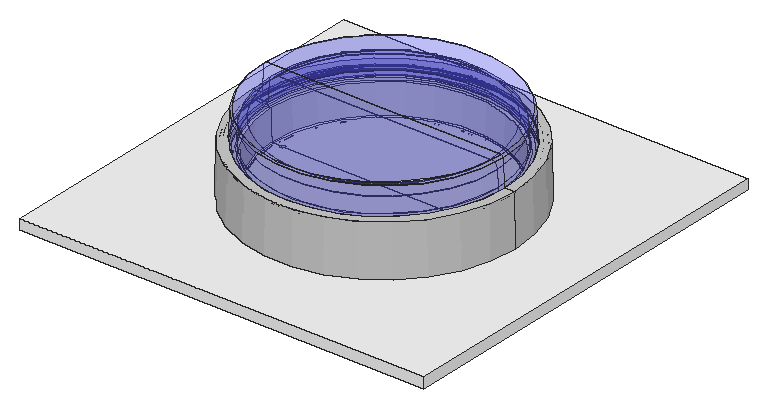
Revit family "BE_33523_de_DE", category Leuchten, Revit 2015
Parameters (values of type "BEGA_33523_Silber_K4")
  built-in parameter 1150104 = 10.345 (stored number, unit not read)
  Wattage = 16.3 W
  Default Elevation = 0 mm
  built-in parameter 1150113 = 1 (stored number, unit not read)
  built-in parameter 1114218 = 1 (stored number, unit not read)
  Umgebungstemperatur = ""
  URL = "http://www.bega.de/produkt/33523"
  Typenkommentare = "© 2015 BEGA. Wir behalten uns das Recht vor, technische Änderungen ohne vorherige Ankündigung vorzunehmen."  # constant formula
  Type Image = 33523.png
  built-in parameter 1150134 = 12
  built-in parameter 1150109 = 1 (stored number, unit not read)
  Strom = ""
  built-in parameter 1150110 = 1 (stored number, unit not read)
  Spannung = 0 V
  Sonderanfertigung = no
  Sockeltyp = ""
  Seriennummer [instance] = "Hier können Sie die eindeutige Seriennummer für das Facility Management eintragen."
  Schutzklasse = "I"
  Schutzart = "IP 65"
  Scheinlast = 0 VA
  Produktdatenblatt = "http://www.bega.de/download/datenblaetter/de/33523.pdf"
  Oberflächentemperatur = ""
  Neigungswinkel = 0.00°
  Modell = "33523AK4"
  Material_11 = BEGA_Glas_opal
  Material_02 = BEGA_Oberfläche_Silber_matt
  Material_01 [instance] = BEGA_lackierte Oberfläche_Grafit_matt
  M_W = no
  M_G = no
  M_A = yes
  Logo = 0
  built-in parameter 1114217 = 1 (stored number, unit not read)
  built-in parameter 1150139 = (empty or 0)
  built-in parameter 1150105 = 144.43 (stored number, unit not read)
  built-in parameter 1150114 = 1 (stored number, unit not read)
  Lumens = 1815 lm
  built-in parameter 1150115 = 1 (stored number, unit not read)
  Leuchtenlichtstrom = "1044 lm"
  Leuchtenanzahl = ""
  Lebensdauerkriterien = "L70 = 50.000 h"
  Lastklassifizierung = Beleuchtung
  built-in parameter 1150112 = 1 (stored number, unit not read)
  Lampenlichtstrom = "1815 lm"
  Lampe = "LED 16.3 W"
  LED_Modulbezeichnung = "LED-0381/840"
  built-in parameter 1150142 = (empty or 0)
  Hersteller = "BEGA"  # constant formula
  Halbstreuwinkel = ""
  Gewicht = "2.6 kg"
  Gebrauchslageneinschränkung [instance] = ""
  Frequenz = "0/50-60 Hz"
  Farbwiedergabeindex = "Ra > 80"
  Farbtemperaturverschiebung bei Dämpfen der Lampe = <Keine Auswahl>
  Farbtemperatur = "4000 K"
  Color Filter = 16777215
  built-in parameter 1150133 = 10 (stored number, unit not read)
  Energieeffizienzklasse = "LED A++ - A"
  built-in parameter 1150137 = (empty or 0)
  built-in parameter 1150132 = (empty or 0)
  ENEC = ""
  Dimmbar [instance] = ""
  Datei für fotometrisches Netz = "BE_33523K4.IES"
  CE_Konformität = "ja"
  Bestellnummer = "33523AK4"
  Beschreibung_Sonderanfertigung = "Hier können Sie Informationen zur Sonderanfertigung eintragen."
  Beschreibung = "Decken- und Wandleuchte"
  built-in parameter 1150106 = 1.4443 (stored number, unit not read)
  Befestigungsbohrung = "Ø 4,5 mm"
  Befestigungsabstand = "200 mm"
  Ballwurfsicher = ""
  BEGA_Intern_aus = yes
  BEGA_Intern_an = yes
  BEGA_Intern_Konstruktion = yes
  BEGA_Intern = yes
  BEGA_IES = yes
  BEGA_Dummy = no
  Anschlussleistung [instance] = "19.8 W"
  Anschlusskasten = ""
  built-in parameter 1150107 = 4000 (stored number, unit not read)
  built-in parameter 1150102 = (empty or 0)
  built-in parameter 1150138 = (empty or 0)
  Aktualisierung = "2016-01-15T04:08:54"
  Abstand_zur_angestrahlten_Fläche [instance] = ""
  AC/DC = "AC/DC"
Types (5, lengths in mm): name | built-in parameter 1150104 | built-in parameter 1150134 | Modell | M_G | M_A | built-in parameter 1150105 | Lumens | Leuchtenlichtstrom | Lampenlichtstrom | LED_Modulbezeichnung | Farbtemperatur | Datei für fotometrisches Netz | Bestellnummer | built-in parameter 1150106 | built-in parameter 1150107
  (no name) | 10.345 (stored number, unit not read) | 12 | "33523AK4" | no | yes | 144.43 (stored number, unit not read) | 1815 lm | "1044 lm" | "1815 lm" | "LED-0381/840" | "4000 K" | "BE_33523K4.IES" | "33523AK4" | 1.4443 (stored number, unit not read) | 4000 (stored number, unit not read)
  BEGA_33523_Grafit_K3 | 9.8886 (stored number, unit not read) | (empty or 0) | "33523" | yes | no | 138.06 (stored number, unit not read) | 1734.97 lm | "998 lm" | "1735 lm" | "LED-0381/830" | "3000 K" | "BE_33523.IES" | "33523" | 1.3806 (stored number, unit not read) | 3000 (stored number, unit not read)
  BEGA_33523_Silber_K4 | 10.345 (stored number, unit not read) | 12 | "33523AK4" | no | yes | 144.43 (stored number, unit not read) | 1815 lm | "1044 lm" | "1815 lm" | "LED-0381/840" | "4000 K" | "BE_33523K4.IES" | "33523AK4" | 1.4443 (stored number, unit not read) | 4000 (stored number, unit not read)
  BEGA_33523_Silber_K3 | 9.8886 (stored number, unit not read) | (empty or 0) | "33523A" | no | yes | 138.06 (stored number, unit not read) | 1734.97 lm | "998 lm" | "1735 lm" | "LED-0381/830" | "3000 K" | "BE_33523.IES" | "33523A" | 1.3806 (stored number, unit not read) | 3000 (stored number, unit not read)
  BEGA_33523_Grafit_K4 | 10.345 (stored number, unit not read) | 12 | "33523K4" | yes | no | 144.43 (stored number, unit not read) | 1815 lm | "1044 lm" | "1815 lm" | "LED-0381/840" | "4000 K" | "BE_33523K4.IES" | "33523K4" | 1.4443 (stored number, unit not read) | 4000 (stored number, unit not read)
Reference planes
  plane 1 "Mitte (Vorne/Hinten)": y = 0
  plane 2: z = 0
  plane 3 "Mitte (Links/Rechts)": x = 0
  plane 4 "Links": x = -130.631
  plane 5 "Rechts": x = 130.632
  plane 6 "Unten": y = -130.632
  plane 7 "Oben": y = 130.631
  plane 8 "Vorne": z = 79.9
Forms (mm)
  Extrusion 1, solid, material "BEGA_Platte_Weiss"
    sketch origin (0, -1119.2, 0) x (1, 0, 0) y (0, 1, 0)
      loop
        line (-200, 1319.2) -> (-200, 919.2) -> (200, 919.2) -> (200, 1319.2) -> (-200, 1319.2)
    from 0 to -10
  Extrusion 2, solid, material "BEGA_Dummy_matt", visible <- "BEGA_Dummy"
    sketch origin (77.149, -76.023, 0) x (1, 0, 0) y (0, 1, 0)
      loop
        circle (-77.149, 76.023) r 130.632
    from 0 to 79.9
Dimensions and locks
  plane 1 "Mitte (Vorne/Hinten)" to Extrusion 1 = 200 mm
  aligned and locked: plane 2 to Extrusion 1
  aligned and locked: level to Extrusion 1
Nested families
  nested 1: "BE_33523" at (0, 0, 0), type "BE_33523"
Connectors
  electrical at (0, 0, 0), driven by "Lastklassifizierung", driven by "Spannung", driven by "Scheinlast"
    settings: index 1, voltage 0 V, apparent load 0 VA, apparent load phase1 0 VA, apparent load phase2 0 VA, apparent load phase3 0 VA, power factor 1, load classification "Beleuchtung", number of poles 1, system type 31, power factor state 1, is connector primary yes, connector utility no, sub classification motor no, connector description ""
Definition of nested family "BE_33523"
  Parameters (values of type "BE_33523")
    Default Elevation = 1 mm
    URL = "http://www.bega.de/de/produkt"
    Type Comments = "© 2015 BEGA. Wir behalten uns das Recht vor, technische Änderungen ohne vorherige Ankündigung vorzunehmen. "  # constant formula
    Type Image = (empty or 0)
    Material_17 = none
    Material_15 = none
    Material_11 = none
    Material_09 = none
    Material_06 = none
    Material_02 = none
    Material_01 = none
    M_W = yes
    M_G = yes
    M_A = yes
    Länge_Platte = 200 mm  # constant formula
    Höhe_Platte = -10 mm  # constant formula
    Manufacturer = "BEGA"  # constant formula
    Breite_Platte = 200 mm  # constant formula
  Reference planes
    plane 1 "Mitte (Oben/Unten)": y = 0
    plane 2: z = 0
    plane 3 "Mitte (Links/Rechts)": x = 0
    plane 4: x = 130.632
    plane 5: x = -130.631
    plane 6: z = 79.9
    plane 7: y = 130.631
    plane 8: y = -130.632
  Forms (mm)
    Extrusion 1, solid, detail levels medium
      sketch origin (0, 0, 0) x (1, 0, 0) y (0, 1, 0)
        loop
          line (-100, 100) -> (-100, -100) -> (100, -100) -> (100, 100) -> (-100, 100)
      from 0 to -10 <- "Höhe_Platte"
    Revolve 2, solid, material <- "Material_01", visible <- "M_G", detail levels medium+fine
      sketch origin (0, 0, 0) x (1, 0, 0) y (0, 0, 1)
        loop
          line (-129.75, 51.9) -> (-130.631, 1.4) -> (-128.086, 1.4) -> (-127.486, 35.804) -> (-127.349, 43.621) -> (-127.25, 49.3) -> (-125.115, 49.3) -> (-120.866, 49.9) -> (-120.75, 51.9) -> (-129.75, 51.9)
        axis (0, 1.4) -> (0, 51.9)
      angle from 0 to 360
    Revolve 3, solid, material <- "Material_11", detail levels medium+fine
      sketch origin (0, 0, 0) x (1, 0, 0) y (0, 0, 1)
        loop
          line (-113.5, 44.9) -> (-113.5, 49.9) -> (-112.696, 65.249)
          arc (-112.696, 65.249) -> (-110.531, 69.97) -> (-105.71, 71.9) r 7
          line (-105.71, 71.9) -> (0, 71.9) -> (0, 79.9) -> (-117.052, 79.9) -> (-118.918, 78.035) -> (-119.866, 50.867)
          arc (-119.866, 50.867) -> (-120.17, 50.181) -> (-120.866, 49.9) r 1
          line (-120.866, 49.9) -> (-124, 49.9)
          arc (-124, 49.9) -> (-124.354, 49.754) -> (-124.5, 49.4) r 0.5
          line (-124.5, 49.4) -> (-124.5, 45.4)
          arc (-124.5, 45.4) -> (-124.354, 45.046) -> (-124, 44.9) r 0.5
          line (-124, 44.9) -> (-113.5, 44.9)
        axis (0, 79.9) -> (0, 44.9)
      angle from 0 to 360
    Revolve 4, solid, material <- "Material_01", visible <- "M_G", detail levels medium+fine
      sketch origin (0, 0, 0) x (1, 0, 0) y (0, 0, 1)
        loop
          line (-113.631, 0) -> (-111.1, 0) -> (-110.916, 7.026)
          arc (-110.916, 7.026) -> (-110.614, 7.716) -> (-109.916, 8) r 1
          line (-109.916, 8) -> (0, 8) -> (0, 10.7) -> (-110.126, 10.7)
          arc (-110.126, 10.7) -> (-110.824, 10.984) -> (-111.126, 11.674) r 1
          line (-111.126, 11.674) -> (-111.893, 41) -> (-115.1, 41) -> (-115.17, 43) -> (-117.7, 43) -> (-117.84, 39) -> (-120.36, 39) -> (-120.5, 43) -> (-126.375, 43)
          arc (-126.375, 43) -> (-126.499, 39.878) -> (-126.355, 36.758) r 36.358
          line (-126.355, 36.758) -> (-115.568, 36.762)
          arc (-115.568, 36.762) -> (-114.87, 36.478) -> (-114.568, 35.788) r 1
          line (-114.568, 35.788) -> (-113.631, 0)
        axis (0, 0) -> (0, 43)
      angle from 0 to 360
    Extrusion 5, void
      sketch origin (0, 0, 0) x (1, 0, 0) y (0, 1, 0)
        loop
          circle (100, 0) r 2.25
        loop
          circle (-100, 0) r 2.25
        loop
          circle (-20.112, -84.916) r 7.5
        loop
          circle (20.112, -84.916) r 7.5
      from 0 to 13.45
    Revolve 6, solid, material <- "Material_02", visible <- "M_A", detail levels medium+fine
      sketch origin (0, 0, 0) x (1, 0, 0) y (0, 0, 1)
        loop
          line (-129.75, 51.9) -> (-130.631, 1.4) -> (-128.086, 1.4) -> (-127.486, 35.804) -> (-127.349, 43.621) -> (-127.25, 49.3) -> (-125.115, 49.3) -> (-120.866, 49.9) -> (-120.75, 51.9) -> (-129.75, 51.9)
        axis (0, 1.4) -> (0, 51.9)
      angle from 0 to 360
    Revolve 7, solid, material <- "Material_02", visible <- "M_A", detail levels medium+fine
      sketch origin (0, 0, 0) x (1, 0, 0) y (0, 0, 1)
        loop
          line (-113.631, 0) -> (-111.1, 0) -> (-110.916, 7.026)
          arc (-110.916, 7.026) -> (-110.614, 7.716) -> (-109.916, 8) r 1
          line (-109.916, 8) -> (0, 8) -> (0, 10.7) -> (-110.126, 10.7)
          arc (-110.126, 10.7) -> (-110.824, 10.984) -> (-111.126, 11.674) r 1
          line (-111.126, 11.674) -> (-111.893, 41) -> (-115.1, 41) -> (-115.17, 43) -> (-117.7, 43) -> (-117.84, 39) -> (-120.36, 39) -> (-120.5, 43) -> (-126.375, 43)
          arc (-126.375, 43) -> (-126.499, 39.878) -> (-126.355, 36.758) r 36.358
          line (-126.355, 36.758) -> (-115.568, 36.762)
          arc (-115.568, 36.762) -> (-114.87, 36.478) -> (-114.568, 35.788) r 1
          line (-114.568, 35.788) -> (-113.631, 0)
        axis (0, 0) -> (0, 43)
      angle from 0 to 360
    Extrusion 8, void
      sketch origin (0, 0, 0) x (1, 0, 0) y (0, 1, 0)
        loop
          circle (100, 0) r 2.25
        loop
          circle (-100, 0) r 2.25
        loop
          circle (-20.112, -84.916) r 7.5
        loop
          circle (20.112, -84.916) r 7.5
      from 0 to 13.45
  Cuts and joins
    Extrusion 5 cuts Revolve 3
    Extrusion 5, Extrusion 8 cuts Revolve 4
    Extrusion 8 cuts Revolve 7
  Dimensions and locks
    equal spacing: Extrusion 1 sketch curve, plane 3 "Mitte (Links/Rechts)", Extrusion 1 sketch curve
    equal spacing: Extrusion 1 sketch curve, plane 1 "Mitte (Oben/Unten)", Extrusion 1 sketch curve
    "Länge_Platte": Extrusion 1 sketch curve to Extrusion 1 sketch curve
    "Breite_Platte": Extrusion 1 sketch curve to Extrusion 1 sketch curve
    aligned and locked: plane 2 to Extrusion 1
    aligned and locked: level to Extrusion 1
  Automatic sketch dimensions
    Revolve 2 sketch curve to plane 3 "Mitte (Links/Rechts)" = 0 mm
    Revolve 2 sketch curve to Revolve 2 sketch curve = 0.116 mm
    Revolve 2 sketch curve to Revolve 2 sketch curve = 4.249 mm
    Revolve 2 sketch curve to Revolve 2 sketch curve = 2.135 mm
    Revolve 2 sketch curve to Revolve 2 sketch curve = 0.099 mm
    level to Revolve 2 sketch curve = 35.804 mm
    Revolve 2 sketch curve to Revolve 2 sketch curve = 0.136 mm
    level to Revolve 2 sketch curve = 1.4 mm
    Revolve 2 sketch curve to Revolve 2 sketch curve = 0.601 mm
    Revolve 2 sketch curve to Revolve 2 sketch curve = 2.5 mm
    Revolve 2 sketch curve to Revolve 2 sketch curve = 2.545 mm
    Revolve 2 sketch curve to Revolve 2 sketch curve = 7.818 mm
    Revolve 2 sketch curve to Revolve 2 sketch curve = 5.679 mm
    Revolve 2 sketch curve to Revolve 2 sketch curve = 0.6 mm
    Revolve 2 sketch curve to Revolve 2 sketch curve = 2 mm
    Revolve 2 sketch curve to level = 5.493 mm
    level to Revolve 2 sketch curve = 55.813 mm
    Revolve 3 sketch curve to plane 3 "Mitte (Links/Rechts)" = 0 mm  (x2)
    Revolve 3 sketch curve to Revolve 3 sketch curve = 0.005 mm
    level to Revolve 3 sketch curve = 65.249 mm
    Revolve 3 sketch curve to Revolve 3 sketch curve = 6.991 mm
    Revolve 3 sketch curve to Revolve 3 sketch curve = 0.804 mm
    Revolve 3 sketch curve to Revolve 3 sketch curve = 11.343 mm
    Revolve 3 sketch curve to Revolve 3 sketch curve = 1.865 mm
    Revolve 3 sketch curve to Revolve 3 sketch curve = 6.366 mm
    Revolve 3 sketch curve to Revolve 3 sketch curve = 0.999 mm
    Revolve 3 sketch curve to Revolve 3 sketch curve = 3.134 mm
    Revolve 3 sketch curve to Revolve 3 sketch curve = 0 mm  (x2)
    Revolve 3 sketch curve to Revolve 3 sketch curve = 0.5 mm
    Revolve 3 sketch curve to Revolve 3 sketch curve = 0.349 mm
    Revolve 3 sketch curve to Revolve 3 sketch curve = 14.349 mm
    Revolve 3 sketch curve to Revolve 3 sketch curve = 0.033 mm
    Revolve 3 sketch curve to Revolve 3 sketch curve = 0.967 mm
    Revolve 3 sketch curve to Revolve 3 sketch curve = 4 mm
    Revolve 3 sketch curve to Revolve 3 sketch curve = 12.786 mm
    Revolve 3 sketch curve to Revolve 3 sketch curve = 8 mm
    level to Revolve 3 sketch curve = 29.9 mm
    Revolve 4 sketch curve to level = 0 mm
    Revolve 4 sketch curve to plane 3 "Mitte (Links/Rechts)" = 0 mm  (x2)
    level to Revolve 4 sketch curve = 40 mm
    Revolve 4 sketch curve to plane 3 "Mitte (Links/Rechts)" = 90.141 mm
    level to Revolve 4 sketch curve = 8 mm
    Revolve 4 sketch curve to Revolve 4 sketch curve = 19.775 mm
    Revolve 4 sketch curve to Revolve 4 sketch curve = 0.21 mm
    Revolve 4 sketch curve to Revolve 4 sketch curve = 1.184 mm
    Revolve 4 sketch curve to Revolve 4 sketch curve = 21.752 mm
    Revolve 4 sketch curve to Revolve 4 sketch curve = 2.531 mm
    Revolve 4 sketch curve to Revolve 4 sketch curve = 3.207 mm
    Revolve 4 sketch curve to Revolve 4 sketch curve = 0.07 mm
    Revolve 4 sketch curve to Revolve 4 sketch curve = 0.468 mm
    Revolve 4 sketch curve to Revolve 4 sketch curve = 2.53 mm
    level to Revolve 4 sketch curve = 39 mm
    Revolve 4 sketch curve to Revolve 4 sketch curve = 2.74 mm
    Revolve 4 sketch curve to Revolve 4 sketch curve = 2.521 mm
    Revolve 4 sketch curve to Revolve 4 sketch curve = 2.8 mm
    level to Revolve 4 sketch curve = 36.758 mm
    Revolve 4 sketch curve to Revolve 4 sketch curve = 5.994 mm
    Revolve 4 sketch curve to Revolve 4 sketch curve = 5.875 mm
    Revolve 4 sketch curve to Revolve 4 sketch curve = 1 mm  (x5)
    Revolve 4 sketch curve to Revolve 4 sketch curve = 2.7 mm
    Revolve 4 sketch curve to Revolve 4 sketch curve = 3.238 mm
    Revolve 4 sketch curve to Revolve 4 sketch curve = 2 mm  (x2)
    level to Revolve 4 sketch curve = 7.026 mm
    Revolve 4 sketch curve to Revolve 4 sketch curve = 0 mm  (x6)
    level to Revolve 4 sketch curve = 11.674 mm
    level to Revolve 4 sketch curve = 35.788 mm
    level to Revolve 4 sketch curve = 36.762 mm
    Revolve 4 sketch curve to Revolve 4 sketch curve = 2.098 mm
    Revolve 4 sketch curve to Revolve 4 sketch curve = 26.106 mm
    plane 1 "Mitte (Oben/Unten)" to Extrusion 5 sketch curve = 0 mm  (x2)
    Extrusion 5 sketch curve to plane 3 "Mitte (Links/Rechts)" = 100 mm
    Extrusion 5 sketch curve to plane 3 "Mitte (Links/Rechts)" = 20.112 mm
    plane 3 "Mitte (Links/Rechts)" to Extrusion 5 sketch curve = 20.112 mm
    plane 1 "Mitte (Oben/Unten)" to Extrusion 5 sketch curve = 84.916 mm
    Extrusion 5 sketch curve to Extrusion 5 sketch curve = 0 mm
    Revolve 6 sketch curve to plane 3 "Mitte (Links/Rechts)" = 0 mm
    Revolve 6 sketch curve to Revolve 6 sketch curve = 0.116 mm
    Revolve 6 sketch curve to Revolve 6 sketch curve = 4.249 mm
    Revolve 6 sketch curve to Revolve 6 sketch curve = 2.135 mm
    Revolve 6 sketch curve to Revolve 6 sketch curve = 0.099 mm
    level to Revolve 6 sketch curve = 35.804 mm
    Revolve 6 sketch curve to Revolve 6 sketch curve = 0.136 mm
    level to Revolve 6 sketch curve = 1.4 mm
    Revolve 6 sketch curve to Revolve 6 sketch curve = 0.601 mm
    Revolve 6 sketch curve to Revolve 6 sketch curve = 2.5 mm
    Revolve 6 sketch curve to Revolve 6 sketch curve = 2.545 mm
    Revolve 6 sketch curve to Revolve 6 sketch curve = 7.818 mm
    Revolve 6 sketch curve to Revolve 6 sketch curve = 5.679 mm
    Revolve 6 sketch curve to Revolve 6 sketch curve = 0.6 mm
    Revolve 6 sketch curve to Revolve 6 sketch curve = 2 mm
    Revolve 6 sketch curve to level = 5.493 mm
    level to Revolve 6 sketch curve = 55.813 mm
    Revolve 7 sketch curve to level = 0 mm
    Revolve 7 sketch curve to plane 3 "Mitte (Links/Rechts)" = 0 mm  (x2)
    level to Revolve 7 sketch curve = 40 mm
    Revolve 7 sketch curve to plane 3 "Mitte (Links/Rechts)" = 90.141 mm
    level to Revolve 7 sketch curve = 8 mm
    Revolve 7 sketch curve to Revolve 7 sketch curve = 19.775 mm
    Revolve 7 sketch curve to Revolve 7 sketch curve = 0.21 mm
    Revolve 7 sketch curve to Revolve 7 sketch curve = 1.184 mm
    Revolve 7 sketch curve to Revolve 7 sketch curve = 21.752 mm
    Revolve 7 sketch curve to Revolve 7 sketch curve = 2.531 mm
    Revolve 7 sketch curve to Revolve 7 sketch curve = 3.207 mm
    Revolve 7 sketch curve to Revolve 7 sketch curve = 0.07 mm
    Revolve 7 sketch curve to Revolve 7 sketch curve = 0.468 mm
    Revolve 7 sketch curve to Revolve 7 sketch curve = 2.53 mm
    level to Revolve 7 sketch curve = 39 mm
    Revolve 7 sketch curve to Revolve 7 sketch curve = 2.74 mm
    Revolve 7 sketch curve to Revolve 7 sketch curve = 2.521 mm
    Revolve 7 sketch curve to Revolve 7 sketch curve = 2.8 mm
    level to Revolve 7 sketch curve = 36.758 mm
    Revolve 7 sketch curve to Revolve 7 sketch curve = 5.994 mm
    Revolve 7 sketch curve to Revolve 7 sketch curve = 5.875 mm
    Revolve 7 sketch curve to Revolve 7 sketch curve = 1 mm  (x5)
    Revolve 7 sketch curve to Revolve 7 sketch curve = 2.7 mm
    Revolve 7 sketch curve to Revolve 7 sketch curve = 3.238 mm
    Revolve 7 sketch curve to Revolve 7 sketch curve = 2 mm  (x2)
    level to Revolve 7 sketch curve = 7.026 mm
    Revolve 7 sketch curve to Revolve 7 sketch curve = 0 mm  (x6)
    level to Revolve 7 sketch curve = 11.674 mm
    level to Revolve 7 sketch curve = 35.788 mm
    level to Revolve 7 sketch curve = 36.762 mm
    Revolve 7 sketch curve to Revolve 7 sketch curve = 2.098 mm
    Revolve 7 sketch curve to Revolve 7 sketch curve = 26.106 mm
    plane 1 "Mitte (Oben/Unten)" to Extrusion 8 sketch curve = 0 mm  (x2)
    Extrusion 8 sketch curve to plane 3 "Mitte (Links/Rechts)" = 100 mm
    Extrusion 8 sketch curve to plane 3 "Mitte (Links/Rechts)" = 20.112 mm
    plane 3 "Mitte (Links/Rechts)" to Extrusion 8 sketch curve = 20.112 mm
    plane 1 "Mitte (Oben/Unten)" to Extrusion 8 sketch curve = 84.916 mm
    Extrusion 8 sketch curve to Extrusion 8 sketch curve = 0 mm
    Revolve 2 sketch curve to plane 3 "Mitte (Links/Rechts)" = 120.75 mm
    Revolve 3 sketch curve to plane 3 "Mitte (Links/Rechts)" = 105.704 mm
    Revolve 6 sketch curve to plane 3 "Mitte (Links/Rechts)" = 120.75 mm
    plane 3 "Mitte (Links/Rechts)" to Extrusion 5 sketch curve = 100 mm
    plane 3 "Mitte (Links/Rechts)" to Extrusion 8 sketch curve = 100 mm
    radius of Extrusion 5 sketch curve = 2.25 mm  (x2)
    radius of Extrusion 5 sketch curve = 7.5 mm  (x2)
    radius of Extrusion 8 sketch curve = 2.25 mm  (x2)
    radius of Extrusion 8 sketch curve = 7.5 mm  (x2)
